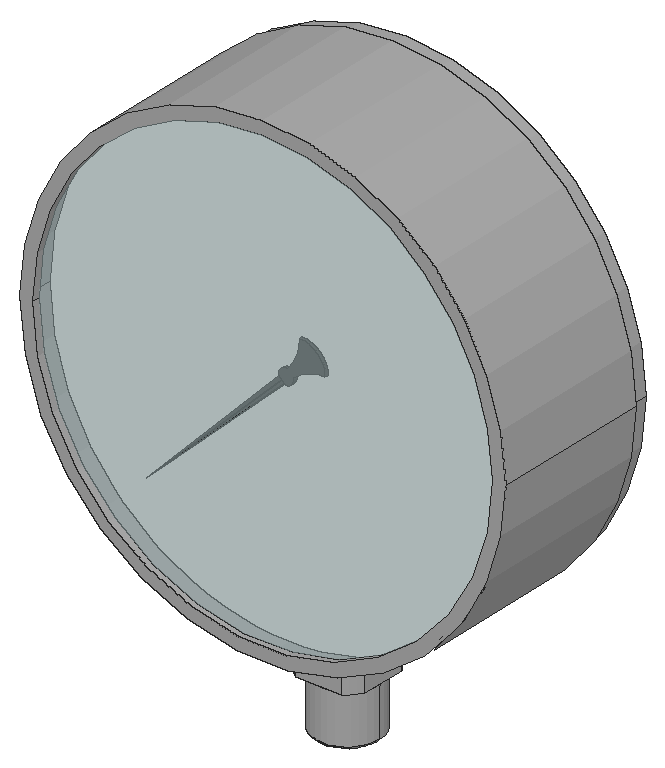
Revit family "РОСМА_МанометрКоррозионностТочнИзмерКорректирНуля", category Арматура трубопроводов, Revit 2018 (continued)
Definition of nested family "Корпус манометра_КоррозионностТочнИзмКорректировкНуля"
  Automatic sketch dimensions
    curve 104 to curve 104 = 1.759 mm
    curve 104 to curve 104 = 1.831 mm
    curve 105 to curve 105 = 1.759 mm
    curve 105 to curve 105 = 1.831 mm
    curve 106 to curve 106 = 1.759 mm
    curve 106 to curve 106 = 1.831 mm
    curve 107 to curve 107 = 1.759 mm
    curve 107 to curve 107 = 1.831 mm
    curve 108 to curve 108 = 1.759 mm
    curve 108 to curve 108 = 1.831 mm
    curve 109 to curve 109 = 1.759 mm
    curve 109 to curve 109 = 1.831 mm
    curve 110 to curve 110 = 1.759 mm
    curve 110 to curve 110 = 1.831 mm
    curve 111 to curve 111 = 1.759 mm
    curve 111 to curve 111 = 1.831 mm
    curve 112 to curve 112 = 1.759 mm
    curve 112 to curve 112 = 1.831 mm
    curve 113 to curve 113 = 1.759 mm
    curve 113 to curve 113 = 1.831 mm
    curve 114 to curve 114 = 1.759 mm
    curve 114 to curve 114 = 1.831 mm
    curve 115 to curve 115 = 1.759 mm
    curve 115 to curve 115 = 1.831 mm
    curve 116 to curve 116 = 1.759 mm
    curve 116 to curve 116 = 1.831 mm
    curve 117 to curve 117 = 1.759 mm
    curve 117 to curve 117 = 1.831 mm
    curve 118 to curve 118 = 1.759 mm
    curve 118 to curve 118 = 1.831 mm
    curve 119 to curve 119 = 1.759 mm
    curve 119 to curve 119 = 1.831 mm
    curve 120 to curve 120 = 1.759 mm
    curve 120 to curve 120 = 1.831 mm
    curve 121 to curve 121 = 1.759 mm
    curve 121 to curve 121 = 1.831 mm
    curve 122 to curve 122 = 1.759 mm
    curve 122 to curve 122 = 1.831 mm
    curve 123 to curve 123 = 1.759 mm
    curve 123 to curve 123 = 1.831 mm
    curve 124 to curve 124 = 1.759 mm
    curve 124 to curve 124 = 1.831 mm
    curve 125 to curve 125 = 1.759 mm
    curve 125 to curve 125 = 1.831 mm
    curve 126 to curve 126 = 1.759 mm
    curve 126 to curve 126 = 1.831 mm
    curve 127 to curve 127 = 1.759 mm
    curve 127 to curve 127 = 1.831 mm
    curve 128 to curve 128 = 1.759 mm
    curve 128 to curve 128 = 1.831 mm
    curve 129 to curve 129 = 1.759 mm
    curve 129 to curve 129 = 1.831 mm
    curve 130 to curve 130 = 1.759 mm
    curve 130 to curve 130 = 1.831 mm
    curve 131 to curve 131 = 1.759 mm
    curve 131 to curve 131 = 1.831 mm
    curve 132 to curve 132 = 1.759 mm
    curve 132 to curve 132 = 1.831 mm
    curve 133 to curve 133 = 1.759 mm
    curve 133 to curve 133 = 1.831 mm
    curve 134 to curve 134 = 1.759 mm
    curve 134 to curve 134 = 1.831 mm
    curve 135 to curve 135 = 1.759 mm
    curve 135 to curve 135 = 1.831 mm
    curve 136 to curve 136 = 1.759 mm
    curve 136 to curve 136 = 1.831 mm
    curve 137 to curve 137 = 1.759 mm
    curve 137 to curve 137 = 1.831 mm
    curve 138 to curve 138 = 1.759 mm
    curve 138 to curve 138 = 1.831 mm
    curve 139 to curve 139 = 1.759 mm
    curve 139 to curve 139 = 1.831 mm
    curve 140 to curve 140 = 1.759 mm
    curve 140 to curve 140 = 1.831 mm
    curve 141 to curve 141 = 1.759 mm
    curve 141 to curve 141 = 1.831 mm
    curve 142 to curve 142 = 1.759 mm
    curve 142 to curve 142 = 1.831 mm
    curve 143 to curve 143 = 1.759 mm
    curve 143 to curve 143 = 1.831 mm
    curve 144 to curve 144 = 1.759 mm
    curve 144 to curve 144 = 1.831 mm
    curve 145 to curve 145 = 1.759 mm
    curve 145 to curve 145 = 1.831 mm
    curve 146 to curve 146 = 1.759 mm
    curve 146 to curve 146 = 1.831 mm
    curve 157 to curve 157 = 1.759 mm
    curve 157 to curve 157 = 1.831 mm
    Extrusion 5 sketch curve to level = 0 mm
    Extrusion 5 sketch curve to plane 3 "По центру (Влево/Вправо)" = 0 mm
    plane 3 "По центру (Влево/Вправо)" to Extrusion 5 sketch curve = 4.123 mm  (x2)
    plane 9 "sr" to Extrusion 5 sketch curve = 0.432 mm
    plane 10 "sl" to Extrusion 5 sketch curve = 1.202 mm
    Extrusion 5 sketch curve to level = 8.836 mm
    level to Extrusion 5 sketch curve = 4.15 mm
    level to Extrusion 5 sketch curve = 11.827 mm
    plane 3 "По центру (Влево/Вправо)" to Extrusion 5 sketch curve = 0.392 mm
    level to Extrusion 5 sketch curve = 0.444 mm
    plane 3 "По центру (Влево/Вправо)" to Extrusion 5 sketch curve = 2.33 mm
    curve 218 to curve 218 = 1.759 mm
    curve 218 to curve 218 = 1.831 mm
    curve 217 to curve 217 = 1.759 mm
    curve 217 to curve 217 = 1.831 mm
    curve 219 to curve 219 = 1.759 mm
    curve 219 to curve 219 = 1.831 mm
    curve 220 to curve 220 = 1.759 mm
    curve 220 to curve 220 = 1.831 mm
    curve 221 to curve 221 = 1.759 mm
    curve 221 to curve 221 = 1.831 mm
    curve 222 to curve 222 = 1.759 mm
    curve 222 to curve 222 = 1.831 mm
    curve 223 to curve 223 = 1.759 mm
    curve 223 to curve 223 = 1.831 mm
    curve 224 to curve 224 = 1.759 mm
    curve 224 to curve 224 = 1.831 mm
    curve 225 to curve 225 = 1.759 mm
    curve 225 to curve 225 = 1.831 mm
    curve 226 to curve 226 = 1.759 mm
    curve 226 to curve 226 = 1.831 mm
    curve 227 to curve 227 = 1.759 mm
    curve 227 to curve 227 = 1.831 mm
    curve 228 to curve 228 = 1.759 mm
    curve 228 to curve 228 = 1.831 mm
    curve 229 to curve 229 = 1.759 mm
    curve 229 to curve 229 = 1.831 mm
    curve 230 to curve 230 = 1.759 mm
    curve 230 to curve 230 = 1.831 mm
    curve 231 to curve 231 = 1.759 mm
    curve 231 to curve 231 = 1.831 mm
    curve 232 to curve 232 = 1.759 mm
    curve 232 to curve 232 = 1.831 mm
    curve 233 to curve 233 = 1.759 mm
    curve 233 to curve 233 = 1.831 mm
    curve 234 to curve 234 = 1.759 mm
    curve 234 to curve 234 = 1.831 mm
    curve 235 to curve 235 = 1.759 mm
    curve 235 to curve 235 = 1.831 mm
    curve 236 to curve 236 = 1.759 mm
    curve 236 to curve 236 = 1.831 mm
    curve 237 to curve 237 = 1.759 mm
    curve 237 to curve 237 = 1.831 mm
    curve 238 to curve 238 = 1.759 mm
    curve 238 to curve 238 = 1.831 mm
    curve 239 to curve 239 = 1.759 mm
    curve 239 to curve 239 = 1.831 mm
    curve 240 to curve 240 = 1.759 mm
    curve 240 to curve 240 = 1.831 mm
    curve 241 to curve 241 = 1.759 mm
    curve 241 to curve 241 = 1.831 mm
    curve 242 to curve 242 = 1.759 mm
    curve 242 to curve 242 = 1.831 mm
    curve 243 to curve 243 = 1.759 mm
    curve 243 to curve 243 = 1.831 mm
    curve 244 to curve 244 = 1.759 mm
    curve 244 to curve 244 = 1.831 mm
    curve 245 to curve 245 = 1.759 mm
    curve 245 to curve 245 = 1.831 mm
    curve 246 to curve 246 = 1.759 mm
    curve 246 to curve 246 = 1.831 mm
    curve 247 to curve 247 = 1.759 mm
    curve 247 to curve 247 = 1.831 mm
    curve 248 to curve 248 = 1.759 mm
    curve 248 to curve 248 = 1.831 mm
    curve 249 to curve 249 = 1.759 mm
    curve 249 to curve 249 = 1.831 mm
    curve 250 to curve 250 = 1.759 mm
    curve 250 to curve 250 = 1.831 mm
    curve 251 to curve 251 = 1.759 mm
    curve 251 to curve 251 = 1.831 mm
    curve 252 to curve 252 = 1.759 mm
    curve 252 to curve 252 = 1.831 mm
    curve 253 to curve 253 = 1.759 mm
    curve 253 to curve 253 = 1.831 mm
    curve 254 to curve 254 = 1.759 mm
    curve 254 to curve 254 = 1.831 mm
    curve 255 to curve 255 = 1.759 mm
    curve 255 to curve 255 = 1.831 mm
    curve 256 to curve 256 = 1.759 mm
    curve 256 to curve 256 = 1.831 mm
    curve 257 to curve 257 = 1.759 mm
    curve 257 to curve 257 = 1.831 mm
    curve 258 to curve 258 = 1.759 mm
    curve 258 to curve 258 = 1.831 mm
    curve 259 to curve 259 = 1.759 mm
    curve 259 to curve 259 = 1.831 mm
    curve 260 to curve 260 = 1.759 mm
    curve 260 to curve 260 = 1.831 mm
    curve 261 to curve 261 = 1.759 mm
    curve 261 to curve 261 = 1.831 mm
    curve 262 to curve 262 = 1.759 mm
    curve 262 to curve 262 = 1.831 mm
    curve 263 to curve 263 = 1.759 mm
    curve 263 to curve 263 = 1.831 mm
    curve 264 to curve 264 = 1.759 mm
    curve 264 to curve 264 = 1.831 mm
    curve 265 to curve 265 = 1.759 mm
    curve 265 to curve 265 = 1.831 mm
    curve 266 to curve 266 = 1.759 mm
    curve 266 to curve 266 = 1.831 mm
    curve 267 to curve 267 = 1.759 mm
    curve 267 to curve 267 = 1.831 mm
    curve 268 to curve 268 = 1.759 mm
    curve 268 to curve 268 = 1.831 mm
    curve 269 to curve 269 = 1.759 mm
    curve 269 to curve 269 = 1.831 mm
    curve 270 to curve 270 = 1.759 mm
    curve 270 to curve 270 = 1.831 mm
    curve 271 to curve 271 = 1.759 mm
    curve 271 to curve 271 = 1.831 mm
    curve 272 to curve 272 = 1.759 mm
    curve 272 to curve 272 = 1.831 mm
    curve 273 to curve 273 = 1.759 mm
    curve 273 to curve 273 = 1.831 mm
    curve 274 to curve 274 = 1.759 mm
    curve 274 to curve 274 = 1.831 mm
    curve 275 to curve 275 = 1.759 mm
    curve 275 to curve 275 = 1.831 mm
    curve 276 to curve 276 = 1.759 mm
    curve 276 to curve 276 = 1.831 mm
    curve 277 to curve 277 = 1.759 mm
    curve 277 to curve 277 = 1.831 mm
    curve 278 to curve 278 = 1.759 mm
    curve 278 to curve 278 = 1.831 mm
    curve 279 to curve 279 = 1.759 mm
    curve 279 to curve 279 = 1.831 mm
    curve 280 to curve 280 = 1.759 mm
    curve 280 to curve 280 = 1.831 mm
    curve 281 to curve 281 = 1.759 mm
    curve 281 to curve 281 = 1.831 mm
    curve 282 to curve 282 = 1.759 mm
    curve 282 to curve 282 = 1.831 mm
    curve 283 to curve 283 = 1.759 mm
    curve 283 to curve 283 = 1.831 mm
    curve 284 to curve 284 = 1.759 mm
    curve 284 to curve 284 = 1.831 mm
    curve 285 to curve 285 = 1.759 mm
    curve 285 to curve 285 = 1.831 mm
    curve 286 to curve 286 = 1.759 mm
    curve 286 to curve 286 = 1.831 mm
    curve 287 to curve 287 = 1.759 mm
    curve 287 to curve 287 = 1.831 mm
    curve 288 to curve 288 = 1.759 mm
    curve 288 to curve 288 = 1.831 mm
    curve 289 to curve 289 = 1.759 mm
    curve 289 to curve 289 = 1.831 mm
    curve 290 to curve 290 = 1.759 mm
    curve 290 to curve 290 = 1.831 mm
    curve 291 to curve 291 = 1.759 mm
    curve 291 to curve 291 = 1.831 mm
    curve 292 to curve 292 = 1.759 mm
    curve 292 to curve 292 = 1.831 mm
    curve 293 to curve 293 = 1.759 mm
    curve 293 to curve 293 = 1.831 mm
    curve 294 to curve 294 = 1.759 mm
    curve 294 to curve 294 = 1.831 mm
    curve 295 to curve 295 = 1.759 mm
    curve 295 to curve 295 = 1.831 mm
    curve 296 to curve 296 = 1.759 mm
    curve 296 to curve 296 = 1.831 mm
    curve 297 to curve 297 = 1.759 mm
    curve 297 to curve 297 = 1.831 mm
    curve 298 to curve 298 = 1.759 mm
    curve 298 to curve 298 = 1.831 mm
    curve 299 to curve 299 = 1.759 mm
    curve 299 to curve 299 = 1.831 mm
    curve 300 to curve 300 = 1.759 mm
    curve 300 to curve 300 = 1.831 mm
    curve 301 to curve 301 = 1.759 mm
    curve 301 to curve 301 = 1.831 mm
    curve 302 to curve 302 = 1.759 mm
    curve 302 to curve 302 = 1.831 mm
    curve 303 to curve 303 = 1.759 mm
    curve 303 to curve 303 = 1.831 mm
    curve 304 to curve 304 = 1.759 mm
    curve 304 to curve 304 = 1.831 mm
    curve 305 to curve 305 = 1.759 mm
    curve 305 to curve 305 = 1.831 mm
    curve 315 to curve 315 = 13.751 mm
    curve 316 to curve 316 = 13.751 mm
    curve 201 to curve 201 = 0.5 mm
    curve 201 to curve 201 = 3.276 mm
    curve 165 to curve 164 = 0.273 mm
    curve 165 to curve 170 = 4.273 mm
    curve 170 to curve 201 = 5.048 mm
    curve 201 to curve 200 = 0.052 mm
    curve 201 to curve 209 = 3.696 mm
    curve 207 to curve 207 = 0.359 mm
    curve 201 to curve 190 = 5.684 mm
    curve 189 to curve 190 = 1.451 mm
    curve 170 to curve 165 = 0.7 mm
    curve 170 to curve 190 = 2.319 mm
    curve 170 to curve 201 = 10.694 mm
    curve 201 to curve 200 = 0.021 mm
    curve 207 to curve 209 = 3.572 mm
    curve 165 to curve 165 = 0.495 mm
    curve 201 to curve 200 = 0.038 mm
    curve 200 to curve 201 = 1.731 mm
    curve 200 to curve 207 = 2.932 mm
    curve 209 to curve 209 = 1.293 mm
    curve 189 to curve 189 = 1.203 mm
    curve 189 to curve 191 = 3.856 mm
    curve 191 to curve 190 = 4.488 mm
    curve 189 to curve 191 = 0 mm
    curve 201 to curve 200 = 1.57 mm
    curve 209 to curve 209 = 1.164 mm
    curve 165 to curve 169 = 0.15 mm
    curve 170 to curve 173 = 5.053 mm
    curve 170 to curve 173 = 0.079 mm
    curve 165 to curve 169 = 0.079 mm
    curve 166 to curve 164 = 0.758 mm
    curve 161 to curve 161 = 1.079 mm
    curve 173 to curve 173 = 1.696 mm  (x2)
    curve 210 to curve 207 = 0.41 mm
    curve 216 to curve 216 = 2.225 mm
    curve 189 to curve 196 = 0.987 mm
    curve 198 to curve 190 = 0.697 mm
    curve 198 to curve 198 = 0.444 mm
    curve 192 to curve 191 = 0.972 mm
    curve 173 to curve 173 = 1.523 mm
    curve 161 to curve 165 = 1.29 mm
    curve 192 to curve 198 = 2.173 mm
    curve 198 to curve 190 = 0.867 mm
    curve 216 to curve 207 = 2.225 mm
    curve 207 to curve 210 = 1.24 mm
    curve 168 to curve 169 = 0.862 mm
    curve 201 to curve 205 = 0.038 mm
    curve 205 to curve 209 = 0.784 mm
    curve 211 to curve 211 = 0.756 mm
    curve 201 to curve 215 = 2.179 mm
    curve 196 to curve 194 = 0.351 mm
    curve 198 to curve 194 = 0.132 mm
    curve 194 to curve 198 = 1.029 mm
    curve 215 to curve 201 = 0.888 mm
    curve 211 to curve 210 = 0.014 mm
    curve 205 to curve 209 = 1.127 mm
    curve 201 to curve 205 = 1.363 mm
    curve 170 to curve 171 = 0 mm  (x4)
    curve 162 to curve 165 = 0.556 mm
    curve 213 to curve 201 = 0.253 mm
    curve 173 to curve 172 = 0.042 mm
    curve 200 to curve 212 = 0.492 mm
    curve 175 to curve 173 = 0.639 mm
    curve 174 to curve 173 = 0.63 mm
    curve 173 to curve 177 = 0.797 mm
    curve 208 to curve 207 = 0.056 mm
    curve 176 to curve 187 = 1.048 mm
    curve 176 to curve 178 = 1.122 mm
    curve 207 to curve 212 = 0.29 mm
    curve 187 to curve 185 = 0.925 mm
    curve 187 to curve 179 = 1.349 mm
    curve 185 to curve 184 = 0.888 mm
    curve 178 to curve 180 = 2.608 mm
    curve 179 to curve 184 = 1.405 mm
    curve 179 to curve 181 = 1.043 mm
    curve 197 to curve 198 = 0.964 mm
    curve 176 to curve 173 = 0.725 mm
    curve 181 to curve 189 = 0 mm
    curve 182 to curve 184 = 0.566 mm
    curve 162 to curve 168 = 0.863 mm
    curve 173 to curve 175 = 0.582 mm
    curve 185 to curve 179 = 1.388 mm
    curve 179 to curve 184 = 0.116 mm
    curve 178 to curve 187 = 0.151 mm
    curve 172 to curve 173 = 0.019 mm
    curve 189 to curve 181 = 0.081 mm
    curve 173 to curve 178 = 0.797 mm
    curve 201 to curve 214 = 0.138 mm
    curve 200 to curve 213 = 0.914 mm
    curve 208 to curve 207 = 0.011 mm
    curve 204 to curve 200 = 1.222 mm
    curve 42 to curve 42 = 0.5 mm
    curve 42 to curve 42 = 3.276 mm
    curve 6 to curve 5 = 0.273 mm
    curve 6 to curve 11 = 4.273 mm
    curve 11 to curve 42 = 5.048 mm
    curve 42 to curve 41 = 0.052 mm
    curve 42 to curve 50 = 3.696 mm
    curve 48 to curve 48 = 0.359 mm
    curve 42 to curve 31 = 5.684 mm
    curve 30 to curve 31 = 1.451 mm
    curve 11 to curve 6 = 0.7 mm
    curve 11 to curve 31 = 2.319 mm
    curve 11 to curve 42 = 10.694 mm
    curve 42 to curve 41 = 0.021 mm
    curve 48 to curve 50 = 3.572 mm
    curve 6 to curve 6 = 0.495 mm
    curve 42 to curve 41 = 0.038 mm
    curve 41 to curve 42 = 1.731 mm
    curve 41 to curve 48 = 2.932 mm
    curve 50 to curve 50 = 1.293 mm
    curve 30 to curve 30 = 1.203 mm
    curve 30 to curve 32 = 3.856 mm
    curve 32 to curve 31 = 4.488 mm
    curve 30 to curve 32 = 0 mm
    curve 42 to curve 41 = 1.57 mm
    curve 50 to curve 50 = 1.164 mm
    curve 6 to curve 10 = 0.15 mm
    curve 11 to curve 14 = 5.053 mm
    curve 11 to curve 14 = 0.079 mm
    curve 6 to curve 10 = 0.079 mm
    curve 7 to curve 5 = 0.758 mm
    curve 2 to curve 2 = 1.079 mm
    curve 14 to curve 14 = 1.696 mm  (x2)
    curve 51 to curve 48 = 0.41 mm
    curve 57 to curve 57 = 2.225 mm
    curve 30 to curve 37 = 0.987 mm
    curve 39 to curve 31 = 0.697 mm
    curve 39 to curve 39 = 0.444 mm
    curve 33 to curve 32 = 0.972 mm
    curve 14 to curve 14 = 1.523 mm
    curve 2 to curve 6 = 1.29 mm
    curve 33 to curve 39 = 2.173 mm
    curve 39 to curve 31 = 0.867 mm
    curve 57 to curve 48 = 2.225 mm
    curve 48 to curve 51 = 1.24 mm
    curve 9 to curve 10 = 0.862 mm
    curve 42 to curve 46 = 0.038 mm
    curve 46 to curve 50 = 0.784 mm
    curve 52 to curve 52 = 0.756 mm
    curve 42 to curve 56 = 2.179 mm
    curve 37 to curve 35 = 0.351 mm
    curve 39 to curve 35 = 0.132 mm
    curve 35 to curve 39 = 1.029 mm
    curve 56 to curve 42 = 0.888 mm
    curve 52 to curve 51 = 0.014 mm
    curve 46 to curve 50 = 1.127 mm
    curve 42 to curve 46 = 1.363 mm
    curve 11 to curve 12 = 0 mm  (x4)
    curve 3 to curve 6 = 0.556 mm
    curve 54 to curve 42 = 0.253 mm
    curve 14 to curve 13 = 0.042 mm
    curve 41 to curve 53 = 0.492 mm
    curve 16 to curve 14 = 0.639 mm
    curve 15 to curve 14 = 0.63 mm
    curve 14 to curve 18 = 0.797 mm
    curve 49 to curve 48 = 0.056 mm
    curve 17 to curve 28 = 1.048 mm
    curve 17 to curve 19 = 1.122 mm
    curve 48 to curve 53 = 0.29 mm
    curve 28 to curve 26 = 0.925 mm
    curve 28 to curve 20 = 1.349 mm
    curve 26 to curve 25 = 0.888 mm
    curve 19 to curve 21 = 2.608 mm
    curve 20 to curve 25 = 1.405 mm
    curve 20 to curve 22 = 1.043 mm
    curve 38 to curve 39 = 0.964 mm
    curve 17 to curve 14 = 0.725 mm
    curve 22 to curve 30 = 0 mm
    curve 23 to curve 25 = 0.566 mm
    curve 3 to curve 9 = 0.863 mm
    curve 14 to curve 16 = 0.582 mm
    curve 26 to curve 20 = 1.388 mm
    curve 20 to curve 25 = 0.116 mm
    curve 19 to curve 28 = 0.151 mm
    curve 13 to curve 14 = 0.019 mm
    curve 30 to curve 22 = 0.081 mm
    curve 14 to curve 19 = 0.797 mm
    curve 42 to curve 55 = 0.138 mm
    curve 41 to curve 54 = 0.914 mm
    curve 49 to curve 48 = 0.011 mm
    curve 45 to curve 41 = 1.222 mm
    curve 327 to curve 328 = 0 mm  (x6)
    curve 348 to curve 349 = 0.972 mm
    curve 349 to curve 348 = 4.494 mm
    curve 349 to curve 351 = 1.197 mm  (x2)
    curve 350 to curve 354 = 1.038 mm
    curve 347 to curve 355 = 1.112 mm
    curve 354 to curve 356 = 0.964 mm
    curve 354 to curve 352 = 1.034 mm
    curve 355 to curve 346 = 1.149 mm
    curve 351 to curve 352 = 1.197 mm
    curve 352 to curve 346 = 0.987 mm
    curve 346 to curve 337 = 1.692 mm
    curve 338 to curve 339 = 0.971 mm
    curve 337 to curve 337 = 1.043 mm
    curve 336 to curve 371 = 2.832 mm  (x2)
    curve 339 to curve 341 = 1.097 mm
    curve 340 to curve 335 = 1.409 mm
    curve 371 to curve 366 = 10.223 mm
    curve 341 to curve 343 = 0.888 mm
    curve 366 to curve 368 = 1.32 mm
    curve 365 to curve 369 = 2.49 mm
    curve 336 to curve 335 = 2.608 mm
    curve 365 to curve 364 = 1.273 mm
    curve 335 to curve 344 = 1.357 mm  (x2)
    curve 364 to curve 365 = 0.057 mm
    curve 371 to curve 359 = 2.353 mm  (x2)
    curve 366 to curve 366 = 1.74 mm
    curve 365 to curve 368 = 0.756 mm
    curve 334 to curve 333 = 1.122 mm
    curve 364 to curve 361 = 1.373 mm
    curve 333 to curve 332 = 1.077 mm  (x2)
    curve 333 to curve 331 = 1.127 mm
    curve 359 to curve 359 = 2.337 mm  (x2)
    curve 330 to curve 331 = 0.891 mm
    curve 330 to curve 332 = 0.864 mm  (x2)
    curve 365 to curve 369 = 3.211 mm
    curve 369 to curve 357 = 1.038 mm
    curve 332 to curve 329 = 1.372 mm  (x2)
    curve 329 to curve 330 = 0.046 mm  (x2)
    curve 357 to curve 358 = 0.056 mm
    curve 358 to curve 370 = 0.289 mm  (x2)
    curve 369 to curve 360 = 1.641 mm
    curve 357 to curve 363 = 3.602 mm
    curve 362 to curve 363 = 1.364 mm
    curve 330 to curve 327 = 5.053 mm
    curve 327 to curve 320 = 3.875 mm
    curve 322 to curve 321 = 3.186 mm
    curve 322 to curve 323 = 0.768 mm
    curve 326 to curve 322 = 0.17 mm
    curve 320 to curve 319 = 1.051 mm
    curve 326 to curve 323 = 0.862 mm
    curve 318 to curve 317 = 1.079 mm
    curve 350 to curve 352 = 1.897 mm
    curve 340 to curve 346 = 1.459 mm
    curve 344 to curve 342 = 1.084 mm
    curve 318 to curve 320 = 1.664 mm
    curve 342 to curve 336 = 1.451 mm
    curve 335 to curve 340 = 1.409 mm
    curve 320 to curve 325 = 0.929 mm
    curve 322 to curve 328 = 3.875 mm
    curve 351 to curve 354 = 1.034 mm
    curve 326 to curve 322 = 0.716 mm
    curve 322 to curve 326 = 0.17 mm
    curve 354 to curve 356 = 1.514 mm
    curve 355 to curve 348 = 1.112 mm
    curve 331 to curve 333 = 1.127 mm
    curve 340 to curve 336 = 2.5 mm
    curve 359 to curve 358 = 3.474 mm
    curve 358 to curve 357 = 0.056 mm
    curve 365 to curve 365 = 1.3 mm
    curve 365 to curve 364 = 0.057 mm
    curve 360 to curve 357 = 1.222 mm
    curve 365 to curve 367 = 0.756 mm
    curve 368 to curve 367 = 1.32 mm
    curve 367 to curve 361 = 1.41 mm
    curve 361 to curve 366 = 1.373 mm
    curve 363 to curve 362 = 1.364 mm
    curve 372 to curve 371 = 2.421 mm
    curve 373 to curve 369 = 2.294 mm
    curve 371 to curve 372 = 2.421 mm
    curve 333 to curve 339 = 3.802 mm
    curve 318 to curve 330 = 10.13 mm
    Extrusion 6 sketch curve to plane 14 = 0 mm  (x2)
    Extrusion 6 sketch curve to plane 16 = 0 mm
    Extrusion 6 sketch curve to plane 17 = 0 mm
    Extrusion 6 sketch curve to level = 0.614 mm
    Extrusion 7 sketch curve to plane 14 = 0 mm  (x2)
    Extrusion 7 sketch curve to plane 16 = 0 mm
    plane 3 "По центру (Влево/Вправо)" to Extrusion 7 sketch curve = 0.614 mm
    curve 159 to plane 10 "sl" = 16.519 mm
    curve 159 to curve 158 = 62.657 mm
    plane 9 "sr" to curve 158 = 107.621 mm
    curve 317 to curve 324 = 0.923 mm
    curve 324 to curve 320 = 0.156 mm
    curve 324 to curve 322 = 0.712 mm
    curve 323 to curve 323 = 0.862 mm
    curve 326 to curve 321 = 0.122 mm
    curve 325 to curve 320 = 0.344 mm
    curve 322 to curve 328 = 3.778 mm
    curve 322 to curve 363 = 8.548 mm
    curve 358 to curve 360 = 0.038 mm
    curve 363 to curve 362 = 0.038 mm
    curve 360 to curve 370 = 0.209 mm
    curve 370 to curve 358 = 0.253 mm
    curve 327 to curve 330 = 5.053 mm
    curve 330 to curve 329 = 0.042 mm
    curve 358 to curve 357 = 0.052 mm
    curve 357 to curve 369 = 0.492 mm
    curve 329 to curve 332 = 1.015 mm
    curve 329 to curve 331 = 1.024 mm
    curve 357 to curve 359 = 1.493 mm
    curve 331 to curve 331 = 0.63 mm
    curve 332 to curve 332 = 0.639 mm
    curve 358 to curve 362 = 2.912 mm
    curve 331 to curve 334 = 0.797 mm
    curve 361 to curve 367 = 0.733 mm
    curve 361 to curve 366 = 0.784 mm
    curve 357 to curve 359 = 1.731 mm
    curve 367 to curve 365 = 0.354 mm
    curve 333 to curve 344 = 1.048 mm
    curve 365 to curve 364 = 0.056 mm
    curve 333 to curve 335 = 1.122 mm
    curve 364 to curve 369 = 0.29 mm
    curve 367 to curve 368 = 0.756 mm
    curve 344 to curve 342 = 0.925 mm
    curve 369 to curve 373 = 0.632 mm
    curve 365 to curve 366 = 0.588 mm
    curve 343 to curve 336 = 1.349 mm
    curve 342 to curve 341 = 0.888 mm
    curve 358 to curve 371 = 2.179 mm
    curve 334 to curve 337 = 2.608 mm
    curve 335 to curve 341 = 1.405 mm
    curve 371 to curve 373 = 1.247 mm
    curve 336 to curve 338 = 1.043 mm
    curve 338 to curve 353 = 0.488 mm
    curve 346 to curve 353 = 0.987 mm
    curve 337 to curve 347 = 1.69 mm
    curve 352 to curve 352 = 0.351 mm
    curve 351 to curve 354 = 0.099 mm
    curve 346 to curve 356 = 0.754 mm
    curve 354 to curve 355 = 0.964 mm
    curve 354 to curve 350 = 0.132 mm
    curve 355 to curve 347 = 0.697 mm
    curve 350 to curve 350 = 0.351 mm
    curve 349 to curve 349 = 0.972 mm
    curve 333 to curve 346 = 0 mm
    curve 338 to curve 346 = 0 mm
    curve 350 to curve 352 = 0 mm
    curve 333 to curve 318 = 0.016 mm
    curve 339 to curve 341 = 0.566 mm
    curve 333 to curve 332 = 0.725 mm
    curve 352 to curve 352 = 1.144 mm
    curve 318 to curve 319 = 1.29 mm
    curve 330 to curve 332 = 0.582 mm
    curve 342 to curve 336 = 1.388 mm
    curve 335 to curve 341 = 0.116 mm
    curve 335 to curve 344 = 0.151 mm
    curve 319 to curve 325 = 0.863 mm
    curve 322 to curve 328 = 0.863 mm
    curve 350 to curve 355 = 1.029 mm
    curve 329 to curve 329 = 0.923 mm
    curve 329 to curve 330 = 0.019 mm
    curve 326 to curve 322 = 0.7 mm
    curve 322 to curve 326 = 0.079 mm
    curve 354 to curve 355 = 1.448 mm
    curve 355 to curve 347 = 0.867 mm
    curve 346 to curve 338 = 0.081 mm
    curve 331 to curve 335 = 0.797 mm
    curve 336 to curve 371 = 2.724 mm
    curve 371 to curve 359 = 0.888 mm
    curve 371 to curve 372 = 2.075 mm
    curve 359 to curve 359 = 1.57 mm
    curve 372 to curve 373 = 2.225 mm
    curve 359 to curve 358 = 3.112 mm
    curve 358 to curve 357 = 0.021 mm
    curve 358 to curve 371 = 0.138 mm
    curve 365 to curve 365 = 1.253 mm
    curve 365 to curve 364 = 0.011 mm
    curve 361 to curve 357 = 1.222 mm
    curve 368 to curve 367 = 0.014 mm
    curve 365 to curve 367 = 1.182 mm
    curve 361 to curve 364 = 1.127 mm
    curve 363 to curve 362 = 1.363 mm
    curve 384 to curve 385 = 0 mm  (x2)
    curve 374 to curve 381 = 0.923 mm
    curve 381 to curve 377 = 0.156 mm
    curve 381 to curve 379 = 0.712 mm
    curve 380 to curve 380 = 0.862 mm
    curve 383 to curve 378 = 0.122 mm
    curve 382 to curve 377 = 0.344 mm
    curve 379 to curve 385 = 3.778 mm
    curve 379 to curve 420 = 8.548 mm
    curve 415 to curve 417 = 0.038 mm
    curve 420 to curve 419 = 0.038 mm
    curve 417 to curve 427 = 0.209 mm
    curve 427 to curve 415 = 0.253 mm
    curve 384 to curve 387 = 5.053 mm
    curve 387 to curve 386 = 0.042 mm
    curve 415 to curve 414 = 0.052 mm
    curve 414 to curve 426 = 0.492 mm
    curve 386 to curve 389 = 1.015 mm
    curve 386 to curve 388 = 1.024 mm
    curve 414 to curve 416 = 1.493 mm
    curve 388 to curve 388 = 0.63 mm
    curve 389 to curve 389 = 0.639 mm
    curve 415 to curve 419 = 2.912 mm
    curve 388 to curve 391 = 0.797 mm
    curve 418 to curve 424 = 0.733 mm
    curve 418 to curve 423 = 0.784 mm
    curve 414 to curve 416 = 1.731 mm
    curve 424 to curve 422 = 0.354 mm
    curve 390 to curve 401 = 1.048 mm
    curve 422 to curve 421 = 0.056 mm
    curve 390 to curve 392 = 1.122 mm
    curve 421 to curve 426 = 0.29 mm
    curve 424 to curve 425 = 0.756 mm
    curve 401 to curve 399 = 0.925 mm
    curve 426 to curve 430 = 0.632 mm
    curve 422 to curve 423 = 0.588 mm
    curve 400 to curve 393 = 1.349 mm
    curve 399 to curve 398 = 0.888 mm
    curve 415 to curve 428 = 2.179 mm
    curve 391 to curve 394 = 2.608 mm
    curve 392 to curve 398 = 1.405 mm
    curve 428 to curve 430 = 1.247 mm
    curve 393 to curve 395 = 1.043 mm
    curve 395 to curve 410 = 0.488 mm
    curve 403 to curve 410 = 0.987 mm
    curve 394 to curve 404 = 1.69 mm
    curve 409 to curve 409 = 0.351 mm
    curve 408 to curve 411 = 0.099 mm
    curve 403 to curve 413 = 0.754 mm
    curve 411 to curve 412 = 0.964 mm
    curve 411 to curve 407 = 0.132 mm
    curve 412 to curve 404 = 0.697 mm
    curve 407 to curve 407 = 0.351 mm
    curve 406 to curve 406 = 0.972 mm
    curve 390 to curve 403 = 0 mm
    curve 395 to curve 403 = 0 mm
    curve 407 to curve 409 = 0 mm
    curve 390 to curve 375 = 0.016 mm
    curve 396 to curve 398 = 0.566 mm
    curve 390 to curve 389 = 0.725 mm
    curve 409 to curve 409 = 1.144 mm
    curve 375 to curve 376 = 1.29 mm
    curve 387 to curve 389 = 0.582 mm
    curve 399 to curve 393 = 1.388 mm
    curve 392 to curve 398 = 0.116 mm
    curve 392 to curve 401 = 0.151 mm
    curve 376 to curve 382 = 0.863 mm
    curve 379 to curve 385 = 0.863 mm
    curve 407 to curve 412 = 1.029 mm
    curve 386 to curve 386 = 0.923 mm
    curve 386 to curve 387 = 0.019 mm
    curve 383 to curve 379 = 0.7 mm
    curve 379 to curve 383 = 0.079 mm
    curve 411 to curve 412 = 1.448 mm
    curve 412 to curve 404 = 0.867 mm
    curve 403 to curve 395 = 0.081 mm
    curve 388 to curve 392 = 0.797 mm
    curve 393 to curve 428 = 2.724 mm
    curve 428 to curve 416 = 0.888 mm
    curve 428 to curve 429 = 2.075 mm
    curve 416 to curve 416 = 1.57 mm
    curve 429 to curve 430 = 2.225 mm
    curve 416 to curve 415 = 3.112 mm
    curve 415 to curve 414 = 0.021 mm
    curve 415 to curve 428 = 0.138 mm
    curve 422 to curve 422 = 1.253 mm
    curve 422 to curve 421 = 0.011 mm
    curve 418 to curve 414 = 1.222 mm
    curve 425 to curve 424 = 0.014 mm
    curve 422 to curve 424 = 1.182 mm
    curve 418 to curve 421 = 1.127 mm
    curve 420 to curve 419 = 1.363 mm
    radius of curve 170 = 2.25 mm
    radius of curve 171 = 1.301 mm
    radius of curve 11 = 2.25 mm
    radius of curve 12 = 1.301 mm
    radius of curve 327 = 2.25 mm  (x2)
    radius of curve 328 = 1.301 mm  (x2)
    radius of curve 384 = 2.25 mm
    radius of curve 385 = 1.301 mm
Definition of nested family "‎"
  Types (24): name
    ТВ -0.1…0МПа
    ТМ 0…0.1МПа
    ТМ 0…0.4МПа
    ТМ 0…0.06МПа
    ТМ 0…0.6МПа
    ТМ 0…0.16МПа
    ТМ 0…0.25МПа
    ТМ 0…1.6МПа
    ТМ 0…2.5МПа
    ТМ 0…4МПа
    ТМ 0…6МПа
    ТМ 0…10МПа
    ТМ 0…16МПа
    ТМ 0…25МПа
    ТМ 0…40МПа
    ТМ 0…60МПа
    ТМ 0…100МПа
    ТМВ -0.1…0.3МПа
    ТМВ -0.1…0.5МПа
    ТМВ -0.1…0.9МПа
    ТМВ -0.1…0.15МПа
    ТМВ -0.1…1.5МПа
    ТМВ -0.1…2.4МПа
    ТМ 0…1.0МПа
  Reference planes
    plane 1 "По центру (Вперед/Назад)": y = 0
    plane 2: z = 0
    plane 3 "По центру (Влево/Вправо)": x = 0
  Dimensions and locks
    aligned and locked: level to plane 2
Definition of nested family "DAA_УГО_МанометрПоказывающий_ГОСТ21.208-2013"
  Parameters (values of type "DAA_УГО_МанометрПоказывающий_ГОСТ21.208-2013")
    Центр2 = 0.5 * Масштаб_УГО  # 25 mm
    Центр = 0.9 * Масштаб_УГО  # 45 mm
    Масштаб_УГО = 50 mm
    Высота_выноски_на_виде_мм = 2
    rr = 0.8 * Масштаб_УГО  # 40 mm
    r = 2.5 * Масштаб_УГО  # 125 mm
    lr2 = 1.4 * Масштаб_УГО  # 70 mm
    lr1 = 0.8 * Масштаб_УГО  # 40 mm
    ll2 = 1.4 * Масштаб_УГО  # 70 mm
    ll1 = 0.8 * Масштаб_УГО  # 40 mm
    h5 = 3.8 * Масштаб_УГО  # 190 mm
    h4 = 4.2 * Масштаб_УГО  # 210 mm
    h3 = 3.4 * Масштаб_УГО  # 170 mm
    h2 = 2.6 * Масштаб_УГО  # 130 mm
    h1 = Высота_выноски_на_виде_мм * Масштаб_УГО  # 100 mm
  Reference planes
    plane 1 "По центру (Вперед/Назад)": y = 0
    plane 2: z = 0
    plane 3 "По центру (Влево/Вправо)": x = 0
    plane 4: z = 100
    plane 5: z = 225
    plane 6: x = -25
    plane 7: x = 45
    plane 8: z = 230
    plane 9: z = 270
    plane 10: z = 310
    plane 11: x = -70
    plane 12: x = -40
    plane 13: z = 290
    plane 14: x = 40
    plane 15: x = 70
  Lines and regions (mm)
    reference lines
      curve 1: circle (0, 0, 225) r 125 normal (0, -1, 0)
      curve 2: arc (-25, 0, 310) -> (-5, 0, 290) -> (-25, 0, 270) r 20
      curve 3: circle (45, 0, 270) r 40 normal (0, -1, 0)
    model lines
      curve 4: line (-70, 0, 230) -> (-70, 0, 310)
      curve 5: line (-25, 0, 270) -> (-70, 0, 270)
      curve 6: arc (70, 0, 301.225) -> (5, 0, 270) -> (70, 0, 238.775) r 40
      curve 7: line (70, 0, 270) -> (70, 0, 238.775)
      curve 8: line (70, 0, 270) -> (40, 0, 270)
      curve 9: line (-70, 0, 310) -> (-25, 0, 310)
      curve 10: arc (-25, 0, 310) -> (-5, 0, 290) -> (-25, 0, 270) r 20
      curve 11: circle (0, 0, 225) r 125 normal (0, -1, 0)
      curve 12: line (0, 0, 100) -> (0, 0, 0)
  Dimensions and locks
    "h1": plane 4 to level
    "r": plane 5 to plane 4
    "h2": plane 8 to plane 4
    "h3": plane 9 to plane 4
    "h4": plane 10 to plane 4
    "lr1": plane 14 to plane 3 "По центру (Влево/Вправо)"
    "lr2": plane 15 to plane 3 "По центру (Влево/Вправо)"
    "ll1": plane 3 "По центру (Влево/Вправо)" to plane 12
    "ll2": plane 3 "По центру (Влево/Вправо)" to plane 11
    "h5": plane 13 to plane 4
    "Центр": plane 7 to plane 3 "По центру (Влево/Вправо)"
    "Центр2": plane 3 "По центру (Влево/Вправо)" to plane 6
    "r": radius of curve 1
    "rr": radius of curve 3
    aligned and locked: level to plane 2
    aligned and locked: plane 11 to curve 4
    aligned and locked: curve 6 to curve 3
    aligned and locked: curve 7 to plane 15
    aligned and locked: curve 8 to plane 9
    aligned and locked: curve 9 to plane 10
    aligned and locked: curve 10 to curve 2
    aligned and locked: curve 11 to curve 1
    aligned and locked: curve 12 to plane 3 "По центру (Влево/Вправо)"
  Automatic sketch dimensions
    curve 8 to plane 14 = 0 mm
    curve 6 to plane 15 = 0 mm
    curve 12 to level = 0 mm
    curve 4 to plane 8 = 0 mm
    curve 2 to plane 6 = 0 mm
    curve 1 to plane 3 "По центру (Влево/Вправо)" = 0 mm
    curve 3 to plane 7 = 0 mm
    curve 1 to plane 5 = 0 mm
    curve 3 to plane 9 = 0 mm
    curve 2 to plane 9 = 0 mm
    curve 2 to plane 13 = 0 mm
